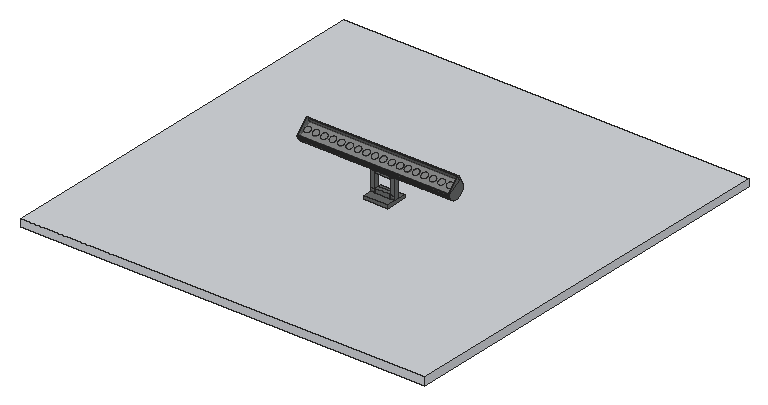
Revit family "INT-3", category Lighting Fixtures, host Face, Revit 2021
Family settings
  Host = Face
  Round Connector Dimension = Use Diameter
  Part Type = Normal
  OmniClass Number = 23.80.70.11.14.17
  OmniClass Title = Direct/Indirect
  Cut with Voids When Loaded = No
  Light Source = No
  Shared = Yes
  Room Calculation Point = No
Parameters (values of type "INT")
  zz Angle = if(Angle Tilt < 0.5°, 0.5°, if(Angle Tilt > 89.5°, 89.5°, Angle Tilt))  # 60°
  Wings = Paint -  Light Silver
  Width = 3.875"
  Watts = 35 W
  Wattage Comments = "35W"
  Warranty = "5 years Warranty"  # constant formula
  Voltage = 120 V
  URL = "https://www.currentlighting.com/kimlighting"
  Reflector Finish = White Glass
  Product Family URL = ""
  Power Factor = 1
  Mounting = Paint -  Light Silver
  Model = "INT-3"  # constant formula
  Manufacturer = "Kim Lighting"  # constant formula
  Load Classification = Lighting
  Length = 24.000"
  Lamp = "LED"  # constant formula
  Housing Material = Paint -  Basic Black Textured
  Glass = Glass
  Fixture distribution = "Direct"  # constant formula
  Height = 6.000"
  Features = "Architectural linear product for wall and ground mounting\r\napplications such as sign lighting, wall washing, wall grazing, and\r\nbuilding accent lighting\r\n• IP66 rated product with linear run capabilities\r\n• Lumen range from 657 to 3,271 lm"  # constant formula
  Description = "Intent"  # constant formula
  Default Elevation = 48.000"
  Copyright = " ©Kim Lighting"  # constant formula
  Contact = ""
  Connector Description = "Lighting Connector"  # constant formula
  Assembly Code = "D5020200"
  Apparent Load = Watts / Power Factor  # 35 VA
  Angle Tilt = 60°
Reference planes (in)
  plane 1 "Center (Front/Back)": y = 0
  plane 2: z = 0.5561
  plane 3 "Center (Left/Right)": x = 0
  plane 4: z = -5.92028
  plane 5: z = 6.5561
  plane 6: y = 2.5249
  plane 7: y = -2.5249
  plane 8: y = -1.9375
  plane 9: y = 1.9375
  plane 10: z = 16.60335
  plane 11: x = -12
  plane 12: x = 12
  plane 13: x = -8
  plane 14: x = 8
  plane 15: x = -2.9
  plane 16: x = 2.9
  plane 17: z = 1.3061
  plane 18: z = 5.5561
Forms (in)
  Extrusion 1, solid
    sketch origin (0, 0, 0) x (1, 0, 0) y (0, 1, 0)
      loop
        line (-48, 48) -> (-48, -48) -> (48, -48) -> (48, 48) -> (-48, 48)
    from 0.5561 to -1.25
  Extrusion 2, solid, material "Paint -  Basic Black Textured" <- "Housing Material"
    sketch origin (0, 0, 0) x (1, 0, 0) y (0, 1, 0)
      loop
        line (-2.9, 2.5249) -> (-2.9, -2.5249) -> (2.9, -2.5249) -> (2.9, 2.5249) -> (-2.9, 2.5249)
    from 0.5561 to 1.3061
  Extrusion 3, solid, material "Paint -  Basic Black Textured" <- "Housing Material"
    sketch origin (-9.1903, -0.03381, -5.03125) x (0, 1, 0) y (0, 0, -1)
      loop
        arc (0.41381, -7.14661) -> (0.03381, -6.27166) -> (-0.3462, -7.14661) r 0.52
        line (-0.3462, -7.14661) -> (-0.3462, -10.95669)
        arc (-0.3462, -10.95669) -> (0.03381, -11.83164) -> (0.41381, -10.95669) r 0.52
        line (0.41381, -10.95669) -> (0.41381, -7.14661)
    from -7.25042 to -6.2903
  Extrusion 4, solid, material "Paint -  Basic Black Textured" <- "Housing Material"
    sketch origin (-9.05527, -0.03381, 10.9339) x (0, 1, 0) y (-1, 0, 0)
      loop
        arc (0.41381, -7.36435) -> (0.30251, -7.09565) -> (0.03381, -6.98435) r 0.38001
        arc (0.03381, -6.98435) -> (-0.2349, -7.09565) -> (-0.3462, -7.36435) r 0.38001
        line (-0.3462, -7.36435) -> (-0.3462, -10.67608)
        arc (-0.3462, -10.67608) -> (-0.2349, -10.94478) -> (0.03381, -11.05608) r 0.38001
        arc (0.03381, -11.05608) -> (0.30251, -10.94478) -> (0.41381, -10.67608) r 0.38001
        line (0.41381, -10.67608) -> (0.41381, -7.36435)
    from -5.3778 to -4.3778
  Extrusion 5, solid, material "Paint -  Basic Black Textured" <- "Housing Material"
    sketch origin (-9.05527, -0.03381, 7.0589) x (0, 1, 0) y (-1, 0, 0)
      loop
        arc (0.41381, -7.40383) -> (0.30251, -7.13513) -> (0.03381, -7.02382) r 0.38001
        arc (0.03381, -7.02382) -> (-0.2349, -7.13513) -> (-0.3462, -7.40383) r 0.38001
        line (-0.3462, -7.40383) -> (-0.3462, -10.69582)
        arc (-0.3462, -10.69582) -> (-0.2349, -10.96452) -> (0.03381, -11.07582) r 0.38001
        arc (0.03381, -11.07582) -> (0.30251, -10.96452) -> (0.41381, -10.69582) r 0.38001
        line (0.41381, -10.69582) -> (0.41381, -7.40383)
    from -5.7528 to -4.7528
  Extrusion 6, solid, material "Paint -  Basic Black Textured" <- "Housing Material"
    sketch origin (9.1903, -0.03381, -5.03125) x (0, 1, 0) y (0, 0, 1)
      loop
        line (0.41381, 7.14661) -> (0.41381, 10.95669)
        arc (0.41381, 10.95669) -> (0.03381, 11.83164) -> (-0.3462, 10.95669) r 0.52
        line (-0.3462, 10.95669) -> (-0.3462, 7.14661)
        arc (-0.3462, 7.14661) -> (0.03381, 6.27166) -> (0.41381, 7.14661) r 0.52
    from -7.24157 to -6.2903
Dimensions and locks (in)
  plane 2 to plane 4 = 6.47638"
  "Height": plane 5 to Extrusion 1
  equal spacing: plane 7, plane 1 "Center (Front/Back)", plane 6
  plane 7 to plane 6 = 5.0498"
  "Width": plane 9 to plane 8
  equal spacing: plane 9, plane 1 "Center (Front/Back)", plane 8
  equal spacing: plane 12, plane 3 "Center (Left/Right)", plane 11
  "Length": plane 12 to plane 11
  locked: plane 13 to plane 11 at 4
  locked: plane 12 to plane 14 at 4
  plane 6 to plane 7 = 5.0498"
  locked: plane 5 to plane 18 at 1
  "zz Angle": angle plane 5 to nested 1
  aligned and locked: plane 2 to Extrusion 1
  aligned and locked: nested 1 to plane 5
  aligned and locked: Extrusion 4 to plane 18
  aligned and locked: Extrusion 4 to plane 5
Automatic sketch dimensions
  Extrusion 1 sketch curve to Extrusion 1 sketch curve = 96.000"  (x2)
  plane 7 to Extrusion 2 sketch curve = 0.000"
  Extrusion 2 sketch curve to plane 15 = 0.000"
  Extrusion 2 sketch curve to plane 16 = 0.000"
  plane 6 to Extrusion 2 sketch curve = 0.000"
  Extrusion 3 sketch curve to plane 1 "Center (Front/Back)" = 0.000"  (x2)
  plane 1 "Center (Front/Back)" to Extrusion 3 sketch curve = 0.38001"
  Extrusion 3 sketch curve to plane 1 "Center (Front/Back)" = 0.38001"
  Extrusion 3 sketch curve to Extrusion 3 sketch curve = 0.35496"
  Extrusion 3 sketch curve to plane 17 = 0.80926"
  Extrusion 3 sketch curve to plane 17 = 0.45431"
  Extrusion 4 sketch curve to Extrusion 4 sketch curve = 0.000"  (x4)
  plane 1 "Center (Front/Back)" to Extrusion 4 sketch curve = 0.000"
  Extrusion 4 sketch curve to Extrusion 4 sketch curve = 0.38001"
  Extrusion 4 sketch curve to plane 16 = 1.27919"
  plane 15 to Extrusion 4 sketch curve = 1.20909"
  Extrusion 5 sketch curve to Extrusion 5 sketch curve = 0.000"  (x4)
  plane 1 "Center (Front/Back)" to Extrusion 5 sketch curve = 0.000"
  Extrusion 5 sketch curve to Extrusion 5 sketch curve = 0.38001"
  Extrusion 5 sketch curve to plane 16 = 1.25945"
  plane 15 to Extrusion 5 sketch curve = 1.24856"
  Extrusion 6 sketch curve to plane 1 "Center (Front/Back)" = 0.000"  (x2)
  plane 1 "Center (Front/Back)" to Extrusion 6 sketch curve = 0.38001"
  Extrusion 6 sketch curve to plane 1 "Center (Front/Back)" = 0.38001"
  Extrusion 6 sketch curve to plane 17 = 0.45431"
  Extrusion 6 sketch curve to Extrusion 6 sketch curve = 0.35496"
  plane 5 to Extrusion 3 sketch curve = 0.63067"
  plane 5 to Extrusion 6 sketch curve = 0.63067"
  plane 5 to Extrusion 6 sketch curve = 0.27571"
Nested families (in)
  nested 1: "Family2" at (1.10236, 0.3203, 6.5561) x (0, -0.5, 0.866) z (-1, 0, 0), type "Family2"
Connectors (in)
  electrical at (0, 0, 0.5561), driven by "Voltage", driven by "Apparent Load", driven by "Power Factor", driven by "Connector Description"
    settings: on Extrusion 2, index 1, voltage 120 V, apparent load 35 VA, apparent load phase1 0 VA, apparent load phase2 0 VA, apparent load phase3 0 VA, power factor 1, load classification "Other", number of poles 1, system type 30, power factor state 1, is connector primary yes, connector utility no, sub classification motor no, connector description "Lighting Connector"
Definition of nested family "Family2"
  Parameters
    Wattage = 25 W
    built-in parameter 1150110 = 1 (stored number, unit not read)
    built-in parameter 1114217 = 1 (stored number, unit not read)
    Tilt Angle = 60°
    built-in parameter 1150109 = 1 (stored number, unit not read)
    built-in parameter 1150134 = 3
    built-in parameter 1150113 = 1 (stored number, unit not read)
    Photometric Web File = "INT-2-24L-30-3K7-WG.ies"
    built-in parameter 1150105 = 295.51 (stored number, unit not read)
    Lumens = 3713.55 lm
    built-in parameter 1150115 = 1 (stored number, unit not read)
    built-in parameter 1150137 = (empty or 0)
    built-in parameter 1150139 = (empty or 0)
    built-in parameter 1150112 = 1 (stored number, unit not read)
    built-in parameter 1150114 = 1 (stored number, unit not read)
    built-in parameter 1150132 = (empty or 0)
    built-in parameter 1150102 = (empty or 0)
    built-in parameter 1150107 = 3200 (stored number, unit not read)
    built-in parameter 1150138 = (empty or 0)
    built-in parameter 1150106 = 2.9551 (stored number, unit not read)
    Housing = none
    Glass = none
    built-in parameter 1150104 = 13.8 (stored number, unit not read)
    Dimming Lamp Color Temperature Shift = (empty or 0)
    Default Elevation = 48.000"
    Color Filter = 16777215
    built-in parameter 1114218 = 1 (stored number, unit not read)
    built-in parameter 1150133 = 10 (stored number, unit not read)
  Reference planes (in)
    plane 1 "Center (Front/Back)": y = 0
    plane 2: z = 0
    plane 3 "Center (Left/Right)": x = 0
    plane 4: z = 19.1
    plane 5: z = -16.9
  Forms (in)
    Extrusion 1, solid
      sketch origin (0, 0, 0) x (1, 0, 0) y (0, 1, 0)
        loop
          line (-48, 48) -> (-48, -48) -> (48, -48) -> (48, 48) -> (-48, 48)
      from 0 to -12
    Extrusion 2, solid, material <- "Housing"
      sketch origin (-11.61927, -0.13326, 1.10236) x (0.008677, -0.999962, 0) y (0.999962, 0.008677, 0)
        loop
          line (-1.9375, 16.60335) -> (-1.9375, 14.58076)
          arc (-1.9375, 14.58076) -> (0.00667, 12.63658) -> (1.95085, 14.58076) r 1.94417
          line (1.95085, 14.58076) -> (1.95085, 14.78758)
          arc (1.95085, 14.78758) -> (1.89614, 14.83995) -> (1.95085, 14.89233) r 0.05243
          line (1.95085, 14.89233) -> (1.95085, 14.94535)
          arc (1.95085, 14.94535) -> (1.89751, 14.99776) -> (1.95085, 15.05018) r 0.05243
          line (1.95085, 15.05018) -> (1.95085, 15.10316)
          arc (1.95085, 15.10316) -> (1.89888, 15.15558) -> (1.95085, 15.208) r 0.05243
          line (1.95085, 15.208) -> (1.95085, 15.65069) -> (1.73341, 15.70895) -> (1.73341, 15.52932) -> (-1.73341, 15.52932) -> (-1.73341, 16.56736) -> (-1.9375, 16.60335)
      from -18.00236 to 17.99764
    Extrusion 3, solid, material <- "Housing"
      sketch origin (-11.61927, -0.13326, 1.10236) x (0.008677, -0.999962, 0) y (0.999962, 0.008677, 0)
        loop
          line (-1.9375, 16.60335) -> (-1.9375, 14.58076)
          arc (-1.9375, 14.58076) -> (0.00667, 12.63658) -> (1.95085, 14.58076) r 1.94417
          line (1.95085, 14.58076) -> (1.95085, 14.78758)
          arc (1.95085, 14.78758) -> (1.89614, 14.83955) -> (1.95005, 14.89236) r 0.05243
          line (1.95005, 14.89236) -> (1.95051, 14.94534)
          arc (1.95051, 14.94534) -> (1.89751, 14.99793) -> (1.95085, 15.05018) r 0.05243
          line (1.95085, 15.05018) -> (1.95085, 15.10316)
          arc (1.95085, 15.10316) -> (1.89888, 15.15558) -> (1.95085, 15.208) r 0.05243
          line (1.95085, 15.208) -> (1.95085, 15.65069) -> (-1.9375, 16.60335)
      from 17.73107 to 17.99764
    Extrusion 4, solid, material <- "Housing"
      sketch origin (-11.61927, -0.13326, 1.10236) x (-0.999962, -0.008677, 0) y (0.008677, -0.999962, 0)
        loop
          line (-16.60335, -1.9375) -> (-14.58076, -1.9375)
          arc (-14.58076, -1.9375) -> (-12.63658, 0.00667) -> (-14.58076, 1.95085) r 1.94417
          line (-14.58076, 1.95085) -> (-14.78758, 1.95085)
          arc (-14.78758, 1.95085) -> (-14.83995, 1.89614) -> (-14.89233, 1.95085) r 0.05243
          line (-14.89233, 1.95085) -> (-14.94535, 1.95085)
          arc (-14.94535, 1.95085) -> (-14.99776, 1.89751) -> (-15.05018, 1.95085) r 0.05243
          line (-15.05018, 1.95085) -> (-15.10316, 1.95085)
          arc (-15.10316, 1.95085) -> (-15.15558, 1.89888) -> (-15.208, 1.95085) r 0.05243
          line (-15.208, 1.95085) -> (-15.65069, 1.95085) -> (-16.60335, -1.9375)
      from 17.73107 to 17.99764
    Extrusion 5, solid, material <- "Glass"
      sketch origin (-11.61927, -0.13326, 1.10236) x (0, 0, 1) y (0.008677, -0.999962, 0)
        loop
          line (17.73107, 1.95085) -> (-17.8125, 1.95085) -> (-17.8125, -1.76075) -> (17.73107, -1.76075) -> (17.73107, 1.95085)
      from 15.55834 to 15.65508
    Extrusion 6, solid, material <- "Housing"
      sketch origin (-12.05675, -0.13706, 1.10236) x (0.008677, -0.999962, 0) y (0.999962, 0.008677, 0)
        loop
          line (-1.28244, 13.69502) -> (-1.28244, 13.00042)
          arc (-1.28244, 13.00042) -> (-0.03244, 12.05749) -> (1.21756, 13.00042) r 1.3
          line (1.21756, 13.00042) -> (1.21756, 13.69502) -> (-1.28244, 13.69502)
      from -10.03944 to 9.89764
    Extrusion 7, solid, material <- "Glass"
      sketch origin (-11.61927, -0.13326, 1.10236) x (0, 0, 1) y (0.008677, -0.999962, 0)
        loop
          circle (-5.20689, 0) r 0.75
        loop
          circle (-3.20689, 0) r 0.75
        loop
          circle (-1.20689, 0) r 0.75
        loop
          circle (0.79311, 0) r 0.75
        loop
          circle (2.79311, 0) r 0.75
        loop
          circle (4.79311, 0) r 0.75
        loop
          circle (6.79311, 0) r 0.75
        loop
          circle (8.79311, 0) r 0.75
        loop
          circle (10.79311, 0) r 0.75
        loop
          circle (12.79311, 0) r 0.75
        loop
          circle (14.79311, 0) r 0.75
        loop
          circle (16.79311, 0) r 0.75
        loop
          circle (-6.99784, 0) r 0.75
        loop
          circle (-8.99784, 0) r 0.75
        loop
          circle (-10.99784, 0) r 0.75
        loop
          circle (-12.99784, 0) r 0.75
        loop
          circle (-14.99784, 0) r 0.75
        loop
          circle (-16.99784, 0) r 0.75
      from 15.55834 to 15.65508
    Extrusion 8, solid, material <- "Housing"
      sketch origin (-11.61927, -0.13326, -22.71014) x (0.008677, -0.999962, 0) y (0.999962, 0.008677, 0)
        loop
          line (-1.9375, 16.60335) -> (-1.9375, 14.58076)
          arc (-1.9375, 14.58076) -> (0.00667, 12.63658) -> (1.95085, 14.58076) r 1.94417
          line (1.95085, 14.58076) -> (1.95085, 14.78758)
          arc (1.95085, 14.78758) -> (1.89614, 14.83995) -> (1.95085, 14.89233) r 0.05243
          line (1.95085, 14.89233) -> (1.95085, 14.94535)
          arc (1.95085, 14.94535) -> (1.89751, 14.99776) -> (1.95085, 15.05018) r 0.05243
          line (1.95085, 15.05018) -> (1.95085, 15.10316)
          arc (1.95085, 15.10316) -> (1.89888, 15.15558) -> (1.95085, 15.208) r 0.05243
          line (1.95085, 15.208) -> (1.95085, 15.65069) -> (-1.9375, 16.60335)
      from 5.81014 to 6
    Extrusion 9, void
      sketch origin (0, 0.3125, 0) x (0, 1, 0) y (0, 0, 1)
        loop
          circle (-1.38482, 1.10236) r 0.125
        loop
          circle (-1.38482, 8.10236) r 0.125
        loop
          circle (-1.38482, -5.89764) r 0.125
        loop
          circle (0.80743, 1.10236) r 0.125
        loop
          circle (0.80743, 8.10236) r 0.125
        loop
          circle (0.80743, -5.89764) r 0.125
      from -0.15201 to 1.38325
  Cuts and joins
    Extrusion 9 cuts Extrusion 2
    Extrusion 9 cuts Extrusion 5
    Extrusion 9 cuts Extrusion 6
  Lines and regions (in)
    reference lines
      curve 1: line (0, 0, 1.10236) -> (6.25, 0, 1.10236)
      curve 2: line (0, 0, 102.71882) -> (0, 0, -24)
  Dimensions and locks (in)
    curve 2 to cut or joined group of Extrusion 6, Extrusion 9 = 1.38325"
    plane 4 to plane 2 to plane 5 = 19.100", 16.900"
    aligned and locked: plane 2 to Extrusion 1
    aligned and locked: level to Extrusion 1
    aligned and locked: Extrusion 3 to Extrusion 2
